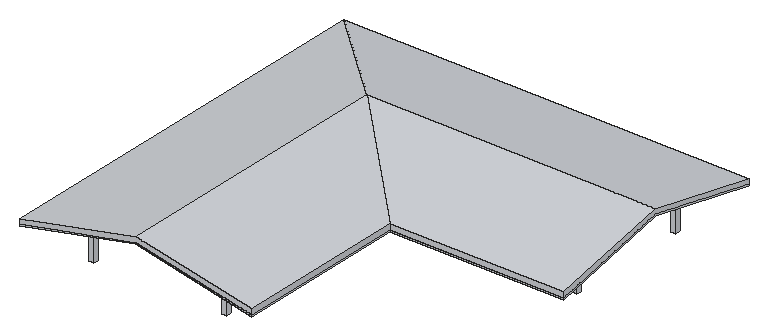
Revit family "ДэЗ_тип2 - Зонтик", category Обобщенные модели, Revit 2019
Family settings
  Может служить основой для арматурных стержней = Нет
  Размер круглого соединителя = Использовать диаметр
  Тип детали = Нормальный
  На основе рабочей плоскости = Нет
  Всегда вертикально = Да
  При загрузке вырезать с полостями = Нет
  Общий = Нет
  Точка расчета площади = Нет
Parameters
  Ширина зонта [instance] = 1440 mm
  М.Покрытие = none
  М.Конструктив = none
  Крайние стойки [instance] = yes
  Длина.2 [instance] = 1080 mm
  Длина.1 [instance] = 1080 mm
  Высота покрытия зонта [instance] = 150 mm
  Высота зонта [instance] = 362 mm
  t2 = 10 mm
  t1 = 30 mm
  a = 30 mm
  L2 [instance] = 740 mm
  L1 [instance] = 800 mm
Reference planes
  plane 1 "По центру (Вперед/Назад)": y = 0
  plane 2: z = 0
  plane 3 "По центру (Влево/Вправо)": x = 0
  plane 4: x = -720
  plane 5: x = 720
  plane 6: y = 925
  plane 7: z = 362
  plane 8: z = 212
  plane 9: x = -400
  plane 10: x = 400
  plane 11: y = 170
  plane 12: x = -430
  plane 13: x = 430
  plane 14: y = 200
  plane 15: y = 2520
  plane 16: y = 1800
  plane 17: y = 1080
  plane 18: x = 1800
  plane 19: y = 880
  plane 20: y = 910
  plane 21: y = 540
  plane 22: y = 2200
  plane 23: y = 2170
  plane 24: y = 1400
  plane 25: y = 1430
  plane 26: x = 890
  plane 27: x = 920
  plane 28: x = 1260
  plane 29: x = 1630
  plane 30: x = 1600
Forms (mm)
  Extrusion 1, solid, material <- "М.Конструктив"
    sketch origin (0, 0, 0) x (1, 0, 0) y (0, 1, 0)
      loop
        line (430, 910) -> (400, 910) -> (400, 880) -> (430, 880) -> (430, 910)
      loop
        line (-430, 910) -> (-430, 880) -> (-400, 880) -> (-400, 910) -> (-430, 910)
      loop
        line (-430, 2200) -> (-430, 2170) -> (-400, 2170) -> (-400, 2200) -> (-430, 2200)
      loop
        line (890, 2200) -> (890, 2170) -> (920, 2170) -> (920, 2200) -> (890, 2200)
      loop
        line (890, 1430) -> (890, 1400) -> (920, 1400) -> (920, 1430) -> (890, 1430)
    from 0 to 362
  Sweep 2, solid, material <- "М.Покрытие"
    path origin (0, 0, 0) x (1, 0, 0) y (0, 1, 0)
      loop
        line (1800, 1800) -> (0, 1800) -> (0, 0)
    profile origin (0, 900, 0) x (1, 0, 0) y (0, 0, 1)
      loop
        line (-720, 212) -> (-720, 181.356) -> (0, 331.356) -> (720, 181.356) -> (720, 212) -> (0, 362) -> (-720, 212)
  Sweep 3, solid, material <- "М.Конструктив"
    path origin (0, 0, 0) x (1, 0, 0) y (0, 1, 0)
      loop
        line (0, 0) -> (0, 1800) -> (1800, 1800)
    profile origin (0, 900, 0) x (1, 0, 0) y (0, 0, 1)
      loop
        line (-720, 181.356) -> (-720, 171.141) -> (0, 321.141) -> (720, 171.141) -> (720, 181.356) -> (0, 331.356) -> (-720, 181.356)
  Sweep 4, void
    path origin (0, 0, 0) x (1, 0, 0) y (0, 1, 0)
      loop
        line (1800, 1800) -> (0, 1800) -> (0, 0)
    profile origin (0, 900, 0) x (1, 0, 0) y (0, 0, 1)
      loop
        line (-720, 171.141) -> (0, 321.141) -> (720, 171.141) -> (720, 362) -> (-720, 362) -> (-720, 171.141)
  Extrusion 5, solid, material <- "М.Конструктив", visible <- "Крайние стойки"
    sketch origin (0, 0, 0) x (1, 0, 0) y (0, 1, 0)
      loop
        line (-400, 200) -> (-430, 200) -> (-430, 170) -> (-400, 170) -> (-400, 200)
      loop
        line (430, 200) -> (400, 200) -> (400, 170) -> (430, 170) -> (430, 200)
      loop
        line (1600, 2200) -> (1600, 2170) -> (1630, 2170) -> (1630, 2200) -> (1600, 2200)
      loop
        line (1600, 1430) -> (1600, 1400) -> (1630, 1400) -> (1630, 1430) -> (1600, 1430)
    from 0 to 362
Cuts and joins
  Sweep 4 cuts Extrusion 1
  Sweep 4 cuts Extrusion 5
Lines and regions (mm)
  model lines, style "InvisibleLines", not visible
    curve 1: line (-720, 0, 212) -> (0, 0, 362)
    curve 2: line (0, 0, 362) -> (720, 0, 212)
    curve 3: line (-720, 0, 181.356) -> (0, 0, 331.356)
    curve 4: line (0, 0, 331.356) -> (720, 0, 181.356)
    curve 5: line (-720, 0, 171.141) -> (0, 0, 321.141)
    curve 6: line (0, 0, 321.141) -> (720, 0, 171.141)
Dimensions and locks
  "Ширина зонта": plane 4 to plane 5
  equal spacing: plane 4, plane 3 "По центру (Влево/Вправо)", plane 5
  equal spacing: plane 20, plane 21, plane 11
  "Высота зонта": plane 7 to level
  "Высота покрытия зонта": plane 7 to plane 8
  "t1": curve 3 to curve 1
  "t2": curve 5 to curve 3
  "t1": curve 4 to curve 2
  "t2": curve 6 to curve 4
  equal spacing: plane 10, plane 3 "По центру (Влево/Вправо)", plane 9
  "L1": plane 10 to plane 9
  plane 11 to plane 1 "По центру (Вперед/Назад)" = 170 mm
  "a": plane 9 to plane 12
  "a": plane 10 to plane 13
  "a": plane 14 to plane 11
  equal spacing: plane 15, plane 16, plane 17
  "Ширина зонта": plane 15 to plane 17
  "Длина.2": plane 5 to plane 18
  "Длина.1": plane 17 to plane 1 "По центру (Вперед/Назад)"
  equal spacing: plane 17, plane 21, plane 1 "По центру (Вперед/Назад)"
  "a": plane 20 to plane 19
  "L2": plane 20 to plane 11
  "a": plane 22 to plane 23
  "a": plane 24 to plane 25
  equal spacing: plane 22, plane 16, plane 24
  "L1": plane 24 to plane 22
  equal spacing: plane 5, plane 28, plane 18
  "t1": plane 26 to plane 27
  "t1": plane 29 to plane 30
  "L2": plane 26 to plane 29
  equal spacing: plane 26, plane 28, plane 29
  aligned and locked: level to plane 2
  aligned and locked: plane 3 "По центру (Влево/Вправо)" to curve 2
  aligned and locked: plane 7 to curve 2
  aligned and locked: plane 5 to curve 2
  aligned and locked: plane 8 to curve 2
  aligned and locked: plane 8 to curve 1
  aligned and locked: plane 4 to curve 1
  aligned and locked: plane 4 to curve 3
  aligned and locked: plane 4 to curve 5
  aligned and locked: plane 5 to curve 4
  aligned and locked: plane 5 to curve 6
  aligned and locked: plane 3 "По центру (Влево/Вправо)" to curve 5
  aligned and locked: plane 3 "По центру (Влево/Вправо)" to curve 3
  aligned and locked: plane 7 to Extrusion 1
  aligned and locked: Extrusion 1 sketch curve to plane 20  (x2)
  aligned and locked: Extrusion 1 sketch curve to plane 19  (x2)
  aligned and locked: Extrusion 1 sketch curve to plane 22  (x2)
  aligned and locked: plane 12 to Extrusion 1 sketch curve
  aligned and locked: plane 23 to Extrusion 1 sketch curve  (x2)
  aligned and locked: Extrusion 1 sketch curve to plane 9
  aligned and locked: Extrusion 1 sketch curve to plane 26  (x2)
  aligned and locked: plane 27 to Extrusion 1 sketch curve  (x2)
  aligned and locked: plane 25 to Extrusion 1 sketch curve
  aligned and locked: Extrusion 1 sketch curve to plane 24
  aligned and locked: Sweep 2 sketch curve to plane 16
  aligned and locked: Sweep 2 sketch curve to plane 3 "По центру (Влево/Вправо)"
  aligned and locked: plane 1 "По центру (Вперед/Назад)" to Sweep 2 sketch curve
  aligned and locked: plane 18 to Sweep 2 sketch curve
  aligned and locked: Sweep 2 sketch curve to plane 4
  aligned and locked: Sweep 2 sketch curve to curve 1
  aligned and locked: Sweep 2 sketch curve to curve 3
  aligned and locked: plane 5 to Sweep 2 sketch curve
  aligned and locked: Sweep 2 sketch curve to curve 2
  aligned and locked: Sweep 2 sketch curve to curve 4
  aligned and locked: Sweep 3 sketch curve to plane 16
  aligned and locked: Sweep 3 sketch curve to plane 3 "По центру (Влево/Вправо)"
  aligned and locked: plane 18 to Sweep 3 sketch curve
  aligned and locked: plane 1 "По центру (Вперед/Назад)" to Sweep 3 sketch curve
  aligned and locked: Sweep 3 sketch curve to plane 4
  aligned and locked: Sweep 3 sketch curve to curve 3
  aligned and locked: Sweep 3 sketch curve to curve 5
  aligned and locked: Sweep 3 sketch curve to curve 6
  aligned and locked: plane 5 to Sweep 3 sketch curve
  aligned and locked: Sweep 3 sketch curve to curve 4
  aligned and locked: Sweep 4 sketch curve to plane 3 "По центру (Влево/Вправо)"
  aligned and locked: Sweep 4 sketch curve to plane 16
  aligned and locked: plane 18 to Sweep 4 sketch curve
  aligned and locked: plane 1 "По центру (Вперед/Назад)" to Sweep 4 sketch curve
  aligned and locked: Sweep 4 sketch curve to curve 5
  aligned and locked: Sweep 4 sketch curve to plane 7
  aligned and locked: Sweep 4 sketch curve to curve 6
  aligned and locked: plane 5 to Sweep 4 sketch curve
  aligned and locked: Sweep 4 sketch curve to plane 4
  aligned and locked: Extrusion 5 sketch curve to plane 9
  aligned and locked: Extrusion 5 sketch curve to plane 12
  aligned and locked: Extrusion 5 sketch curve to plane 14
  aligned and locked: Extrusion 5 sketch curve to plane 11
  aligned and locked: plane 10 to Extrusion 5 sketch curve
  aligned and locked: plane 13 to Extrusion 5 sketch curve
  aligned and locked: Extrusion 5 sketch curve to plane 30
  aligned and locked: Extrusion 5 sketch curve to plane 29
  aligned and locked: Extrusion 5 sketch curve to plane 22
  aligned and locked: Extrusion 5 sketch curve to plane 23
  aligned and locked: plane 25 to Extrusion 5 sketch curve
  aligned and locked: plane 24 to Extrusion 5 sketch curve
  aligned and locked: Extrusion 5 to plane 7
Automatic sketch dimensions
  Extrusion 1 sketch curve to plane 12 = 0 mm
  Extrusion 1 sketch curve to plane 9 = 0 mm
  Extrusion 1 sketch curve to plane 10 = 0 mm
  Extrusion 1 sketch curve to plane 13 = 0 mm
  Extrusion 5 sketch curve to plane 30 = 0 mm
  Extrusion 5 sketch curve to plane 29 = 0 mm
  plane 14 to Extrusion 5 sketch curve = 0 mm
  plane 11 to Extrusion 5 sketch curve = 0 mm
